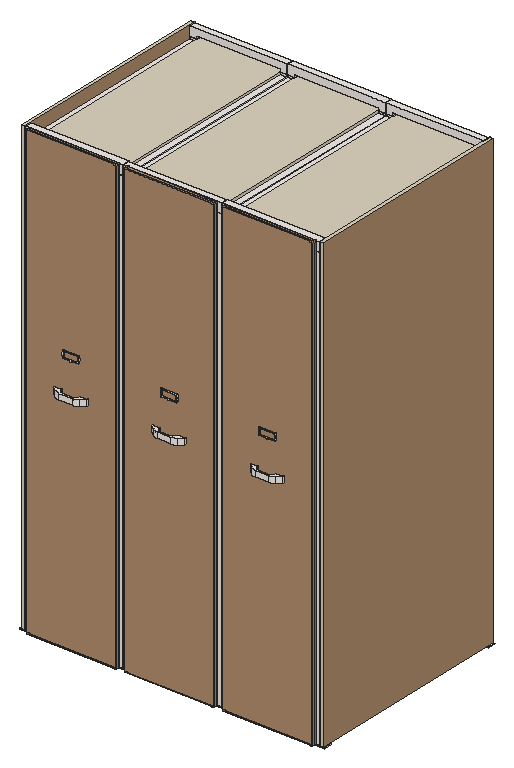
Revit family "MusicLibrarySystem_Wenger_7-Shelf_System", category Furniture, Revit 2015
Parameters (values of type "Oversized")
  URL = "https://www.wengercorp.com/"
  Type Comments = "7 Shelf Oversized <COUNT> Units"
  Total Units [instance] = 3
  Test Data = ""
  Specification = "http://www.arcat.com/sdspecs/htm04/12_35_83wen.htm"
  Show Open [instance] = no
  Shelf Finish = Wenger Oyster (Use Oyster Edge Band Only)
  Shelf Depth = 2' - 10 1/2"
  Sales Information = "https://www.wengercorp.com/contact-us.php"
  Revision = "R1_2018-04"
  Product Data = "http://www.arcat.com/arcatcos/cos36/arc36487.html"
  Overall Width [instance] = (Unit Width * Total Units) + 0' 3"  # 5' - 0"
  Model = "7 Shelf Oversized"
  Manufacturer Website = "https://www.wengercorp.com/"
  Manufacturer Phone - Toll Free = "800-4WENGER"
  Manufacturer Phone = "(507) 455-4100"
  Manufacturer Fax = "(507) 455-4258"
  Manufacturer Address = "555 Park Dr., Owatonna, MN 55060"
  Manufacturer = "Wenger Corporation"
  Keynote = "12 35 83"
  Height = 7' - 8"
  Green Building-LEED = "http://www.arcat.com/green/clients/leed_data_36487.html"
  Panel Thickness = 0' - 0 3/4"
  Panel RH [instance] = yes
  Panel LH [instance] = yes
  Panel Finish [instance] = Wenger Cherry (Use Cherry Edge Band Only)
  Open Position [instance] = if((Show Open), 6' 7 1/4", Depth)  # 3' - 7 1/4"
  Height to Bottom Shelf = 0' - 8"
  Tubular Frame Width = 0' - 1 1/2"
  Unit Width = 1' - 7"
  Hardware Finish = Metal - White Powdercoat
  Frame Finish = Metal - White Powdercoat
  Floor Offset = 0' - 0 1/8"
  Edge Banding Finish = Wenger Oyster (Use Oyster Edge Band Only)
  Drawn By = "Sumex Design, Inc. / Robert S. Weygant, CSI, CDT, SCIP"
  Description = "Wenger 7 Shelf Oversized Music Library System"
  Depth = 3' - 7 1/4"
  Cost = 0
  Copyright = "© 2018 Arcat Inc."
  Construction Details = "http://www.arcat.com/details/wengerco/wengerco.html?coid=36487"
  VizCompForRO [instance] = Unit Width + (0' 3" / Total Units)  # 1' - 8"
  Assembly Code = "E2010200"
Types (2): name | Type Comments | Overall Width | Model | Unit Width | Description | VizCompForRO
  Oversized | "7 Shelf Oversized <COUNT> Units" | 5' - 0" | "7 Shelf Oversized" | 1' - 7" | "Wenger 7 Shelf Oversized Music Library System" | 1' - 8"
  UltraStor | "7 Shelf Standard <COUNT> Units" | 4' - 3" | "7 Shelf Standard" | 1' - 4" | "Wenger 7 Shelf Standard Music Library System" | 1' - 5"
Reference planes (in)
  plane 1 "Back": y = 5.3893222
  plane 2: z = 0
  plane 3 "Center (Left/Right)": x = -13.0500945
  plane 4 "Top": z = 92.125
  plane 5 "BO Frame": z = 0.125
  plane 6: x = -43.0500945
  plane 7: x = 16.9499054
  plane 8: y = -37.8606778
  plane 9: x = -23.0500945
  plane 10: x = 17.6999054
  plane 11: x = -43.8000945
Forms (in)
  Extrusion 1, solid, material "Wenger Cherry (Use Cherry Edge Band Only)" <- "Panel Finish", visible <- "Panel LH"
    sketch origin (0, 0, 0.125) x (-1, 0, 0) y (0, -1, 0)
      loop
        line (43.8000945, -5.3893222) -> (43.8000945, 37.8606778) -> (43.0500945, 37.8606778) -> (43.0500945, -5.3893222) -> (43.8000945, -5.3893222)
    from 0 to 92
  Extrusion 2, solid, material "Wenger Cherry (Use Cherry Edge Band Only)" <- "Panel Finish", visible <- "Panel RH"
    sketch origin (0, 0, 0.125) x (-1, 0, 0) y (0, -1, 0)
      loop
        line (-16.9499055, -5.3893222) -> (-16.9499055, 37.8606778) -> (-17.6999055, 37.8606778) -> (-17.6999055, -5.3893222) -> (-16.9499055, -5.3893222)
    from 0 to 92
Lines and regions (in)
  Masking region 1
    outline origin (0, 0, 92.125) x (0, -1, 0) y (1, 0, 0)
      loop
        line (-5.3893222, -43.0500945) -> (37.8606778, -43.0500945) -> (37.8606778, 16.9499055) -> (-5.3893222, 16.9499055) -> (-5.3893222, -43.0500945)
  Masking region 2, visible <- "Panel LH"
    outline origin (0, 0, 0.125) x (-1, 0, 0) y (0, -1, 0)
      loop
        line (43.8000945, -5.3893222) -> (43.8000945, 37.8606778) -> (43.0500945, 37.8606778) -> (43.0500945, -5.3893222) -> (43.8000945, -5.3893222)
  Masking region 3, visible <- "Panel RH"
    outline origin (0, 0, 0.125) x (-1, 0, 0) y (0, -1, 0)
      loop
        line (-16.9499055, -5.3893222) -> (-16.9499055, 37.8606778) -> (-17.6999055, 37.8606778) -> (-17.6999055, -5.3893222) -> (-16.9499055, -5.3893222)
Dimensions and locks (in)
  "Floor Offset": plane 5 "BO Frame" to level
  "Height": plane 4 "Top" to plane 5 "BO Frame"
  "Depth": plane 1 "Back" to plane 8
  "Overall Width": plane 6 to plane 7
  "VizCompForRO": plane 6 to plane 9
  equal spacing: group 1, group 2, group 3  (x3)
  "Panel Thickness": plane 11 to plane 6
  "Panel Thickness": plane 7 to plane 10
  equal spacing: plane 6, plane 3 "Center (Left/Right)", plane 7
  "Depth": Masking region 1 sketch curve to plane 1 "Back"
  equal spacing: plane 8, nested 4, plane 1 "Back"
  aligned and locked: plane 2 to level
  aligned and locked: nested 1 to plane 1 "Back"
  aligned and locked: level to nested 1
  aligned and locked: level to nested 2
  aligned and locked: nested 2 to plane 1 "Back"
  aligned and locked: Extrusion 1 sketch curve to plane 6
  aligned and locked: plane 8 to Extrusion 1 sketch curve
  aligned and locked: plane 1 "Back" to Extrusion 1 sketch curve
  aligned and locked: plane 11 to Extrusion 1 sketch curve
  aligned and locked: plane 4 "Top" to Extrusion 1
  aligned and locked: Extrusion 1 to plane 5 "BO Frame"
  aligned and locked: plane 8 to Extrusion 2 sketch curve
  aligned and locked: plane 7 to Extrusion 2 sketch curve
  aligned and locked: plane 1 "Back" to Extrusion 2 sketch curve
  aligned and locked: Extrusion 2 sketch curve to plane 10
  aligned and locked: Extrusion 2 to plane 5 "BO Frame"
  aligned and locked: plane 4 "Top" to Extrusion 2
  aligned and locked: plane 1 "Back" to Masking region 1 sketch curve
  aligned and locked: plane 6 to Masking region 1 sketch curve
  aligned and locked: Masking region 1 sketch curve to plane 7
  aligned and locked: Masking region 2 sketch curve to plane 6
  aligned and locked: plane 1 "Back" to Masking region 2 sketch curve
  aligned and locked: plane 8 to Masking region 2 sketch curve
  aligned and locked: plane 11 to Masking region 2 sketch curve
  aligned and locked: plane 8 to Masking region 3 sketch curve
  aligned and locked: plane 1 "Back" to Masking region 3 sketch curve
  aligned and locked: plane 7 to Masking region 3 sketch curve
  aligned and locked: Masking region 3 sketch curve to plane 10
  aligned and locked: plane 3 "Center (Left/Right)" to nested 4
  aligned and locked: plane 6 to nested 1
  aligned and locked: plane 9 to nested 2
Nested families (in)
  nested 1: "MusicLibrarySystem_Wenger_7-Shelf_Component" at (-33.0500945, -16.3606778, 0), Panel Finish <- "Panel Finish", Show Open <- "Show Open", type "MusicLibrarySystem_Wenger_7-Shelf_Component"
    with Show Open no, Panel Finish Wenger Cherry (Use Cherry Edge Band Only), Open Position 3' - 7 1/4", Height 7' - 8", Overall Width 1' - 8"
  nested 2: "MusicLibrarySystem_Wenger_7-Shelf_Component" at (-13.0500945, -16.3606778, 0), Panel Finish <- "Panel Finish", Show Open <- "Show Open", type "MusicLibrarySystem_Wenger_7-Shelf_Component"
    with Show Open no, Panel Finish Wenger Cherry (Use Cherry Edge Band Only), Open Position 3' - 7 1/4", Height 7' - 8", Overall Width 1' - 8"
  nested 3: "MusicLibrarySystem_Wenger_7-Shelf_Component" at (6.9499054, -16.3606778, 0), Panel Finish <- "Panel Finish", Show Open <- "Show Open", type "MusicLibrarySystem_Wenger_7-Shelf_Component"
    with Show Open no, Panel Finish Wenger Cherry (Use Cherry Edge Band Only), Open Position 3' - 7 1/4", Height 7' - 8", Overall Width 1' - 8"
  nested 4: "Labels" at (-13.0500945, -16.2356778, 0), type "Labels"
Definition of nested family "MusicLibrarySystem_Wenger_7-Shelf_Component"
  Parameters (values of type "MusicLibrarySystem_Wenger_7-Shelf_Component")
    Test Data = ""
    Specification = ""
    Show Open [instance] = yes
    Shelf Finish = none
    Shelf Depth = 2' - 10 1/2"
    Sales Information = ""
    Revision = ""
    Product Data = ""
    Manufacturer Website = ""
    Manufacturer Phone - Toll Free = ""
    Manufacturer Phone = ""
    Manufacturer Fax = ""
    Manufacturer Address = ""
    Keynote = "12 35 83"
    Installation-Fabrication = ""
    Green Building-LEED = ""
    Frame RH = yes
    Panel Thickness = 0' - 0 3/4"
    Panel RH = yes
    Panel LH = yes
    Panel Finish [instance] = none
    Open Position [instance] = if((Show Open), 6' 7 1/4", Depth)  # 6' - 7 1/4"
    Frame LH = yes
    Height to Bottom Shelf = 0' - 8"
    Height = 7' - 8 1/2"
    Tubular Frame Width = 0' - 1 1/2"
    Overall Width = 1' - 7"
    Hardware Finish = none
    Frame Finish = none
    FootViz RH = and(Floor Offset < 0' 0 1/2", Frame RH)  # yes
    FootViz LH = and(Floor Offset < 0' 0 1/2", Frame LH)  # yes
    Floor Offset = 0' - 0 1/8"
    Edge Banding Finish = none
    Drawn By = ""
    Depth = 3' - 7 1/4"
    Copyright = ""
    Construction Details = ""
    Category = ""
    Building Codes = ""
  Reference planes (in)
    plane 1 "Center (Front/Back)": y = 0.125
    plane 2: z = 0
    plane 3 "Center (Left/Right)": x = 0
    plane 4 "Frame Back": y = 21.75
    plane 5 "Frame Front": y = -21.5
    plane 6 "LEFT ECP INSIDE": x = -8
    plane 7 "LEFT ECP OUTSIDE": x = -9.5
    plane 8 "RIGHT ECP INSIDE": x = 8
    plane 9 "RIGHT ECP OUTSIDE": x = 9.5
    plane 10: z = 92.625
    plane 11: z = 55.2142857
    plane 12: z = 43.4107143
    plane 13: z = 31.6071429
    plane 14: z = 19.8035714
    plane 15 "Bottom Shelf": z = 8
    plane 16: z = 67.0178571
    plane 17 "Carriage Front": y = -57.5
    plane 18 "Carriage Back": y = -23
    plane 19 "Door Front": y = -58.25
    plane 20: y = 20.25
    plane 21: y = -20
    plane 22: z = 8.75
    plane 23: z = 7.25
    plane 24: z = 90.625
    plane 25 "Handle Height": z = 46.125
    plane 26: y = -59.625
    plane 27: z = 53.125
    plane 28 "BO Frame": z = 0.125
    plane 29: x = -10.25
    plane 30: x = 10.25
    plane 31: x = -8.75
    plane 32: x = 8.75
    plane 33: z = 78.8214286
  Forms (in)
    Extrusion 1, solid, material <- "Frame Finish", visible <- "Frame LH"
      sketch origin (0, 0, 0) x (1, 0, 0) y (0, 1, 0)
        loop
          line (-9.5, 21.75) -> (-9.5, 20.25) -> (-8, 20.25) -> (-8, 21.75) -> (-9.5, 21.75)
        loop
          line (-9.4375, 21.6875) -> (-9.4375, 20.3125) -> (-8.0625, 20.3125) -> (-8.0625, 21.6875) -> (-9.4375, 21.6875)
        loop
          line (-9.5, -20) -> (-9.5, -21.5) -> (-8, -21.5) -> (-8, -20) -> (-9.5, -20)
        loop
          line (-9.4375, -20.0625) -> (-9.4375, -21.4375) -> (-8.0625, -21.4375) -> (-8.0625, -20.0625) -> (-9.4375, -20.0625)
      from 0.125 to 90.625
    Extrusion 2, solid, material <- "Frame Finish", visible <- "Frame RH"
      sketch origin (17.5, 0, 0) x (1, 0, 0) y (0, 1, 0)
        loop
          line (-9.5, 21.75) -> (-9.5, 20.25) -> (-8, 20.25) -> (-8, 21.75) -> (-9.5, 21.75)
        loop
          line (-9.4375, 21.6875) -> (-9.4375, 20.3125) -> (-8.0625, 20.3125) -> (-8.0625, 21.6875) -> (-9.4375, 21.6875)
        loop
          line (-9.5, -20) -> (-9.5, -21.5) -> (-8, -21.5) -> (-8, -20) -> (-9.5, -20)
        loop
          line (-9.4375, -20.0625) -> (-9.4375, -21.4375) -> (-8.0625, -21.4375) -> (-8.0625, -20.0625) -> (-9.4375, -20.0625)
      from 0.125 to 90.625
    Extrusion 3, solid, material <- "Panel Finish"
      sketch origin (0, -57.5, 0) x (0, 0, 1) y (-1, 0, 0)
        loop
          line (92.625, 8.6875) -> (0.125, 8.6875) -> (0.125, -8.6875) -> (92.625, -8.6875) -> (92.625, 8.6875)
      from 0 to 0.75 <- "Panel Thickness"
    Sweep 4, void
      path in 3D
        loop
          line (-8.6875, -58.25, 0.125) -> (8.6875, -58.25, 0.125) -> (8.6875, -58.25, 92.625) -> (-8.6875, -58.25, 92.625) -> (-8.6875, -58.25, 0.125)
      profile origin (-8.6875, -58.25, 46.375) x (-1, 0, 0) y (0, -1, 0)
        loop
          line (0, 0) -> (-0.125, 0)
          arc (-0.125, 0) -> (-0.0366117, -0.0366117) -> (0, -0.125) r 0.125
          line (0, -0.125) -> (0, 0)
        loop
          line (0, -0.75) -> (0, -0.625)
          arc (0, -0.625) -> (-0.0366117, -0.7133883) -> (-0.125, -0.75) r 0.125
          line (-0.125, -0.75) -> (0, -0.75)
    Extrusion 5, solid, material <- "Frame Finish", visible <- "Frame LH"
      sketch origin (0, 0.125, 0) x (1, 0, 0) y (0, 0, 1)
        loop
          line (-9.5, 8.75) -> (-9.5, 7.25) -> (-8, 7.25) -> (-8, 8.75) -> (-9.5, 8.75)
        loop
          line (-9.5, 90.25) -> (-9.5, 88.75) -> (-8, 88.75) -> (-8, 90.25) -> (-9.5, 90.25)
      from -20.125 to 20.125
    Extrusion 6, solid, material <- "Frame Finish", visible <- "Frame RH"
      sketch origin (17.5, 0.125, 0) x (1, 0, 0) y (0, 0, 1)
        loop
          line (-9.5, 8.75) -> (-9.5, 7.25) -> (-8, 7.25) -> (-8, 8.75) -> (-9.5, 8.75)
        loop
          line (-9.5, 90.25) -> (-9.5, 88.75) -> (-8, 88.75) -> (-8, 90.25) -> (-9.5, 90.25)
      from -20.125 to 20.125
    Extrusion 7, solid, material <- "Shelf Finish", detail levels medium+fine
      sketch origin (0, -23, 0) x (0, 0, 1) y (-1, 0, 0)
        loop
          line (19.8035714, 8) -> (19.0535714, 8) -> (19.0535714, -8) -> (19.8035714, -8) -> (19.8035714, 8)
        loop
          line (31.6071429, 8) -> (30.8571429, 8) -> (30.8571429, -8) -> (31.6071429, -8) -> (31.6071429, 8)
        loop
          line (43.4107143, 8) -> (42.6607143, 8) -> (42.6607143, -8) -> (43.4107143, -8) -> (43.4107143, 8)
        loop
          line (55.2142857, 8) -> (54.4642857, 8) -> (54.4642857, -8) -> (55.2142857, -8) -> (55.2142857, 8)
        loop
          line (67.0178571, 8) -> (66.2678571, 8) -> (66.2678571, -8) -> (67.0178571, -8) -> (67.0178571, 8)
        loop
          line (78.8214286, 8) -> (78.0714286, 8) -> (78.0714286, -8) -> (78.8214286, -8) -> (78.8214286, 8)
      from 0 to 34.5
    Extrusion 8, solid, material <- "Shelf Finish"
      sketch origin (0, -23, 0) x (0, 0, 1) y (-1, 0, 0)
        loop
          line (90.625, 8) -> (89.875, 8) -> (89.875, -8) -> (90.625, -8) -> (90.625, 8)
        loop
          line (8, 8) -> (7.25, 8) -> (7.25, -8) -> (8, -8) -> (8, 8)
      from -8.75 to 34.5
    Extrusion 9, solid, material <- "Shelf Finish"
      sketch origin (0, 0, 8) x (0, 1, 0) y (-1, 0, 0)
        loop
          line (-23, 8) -> (-23, -8) -> (-22.25, -8) -> (-22.25, 8) -> (-23, 8)
      from 0 to 81.875
    Extrusion 10, solid, material <- "Hardware Finish", detail levels fine
      sketch origin (0, 0, 46.125) x (-1, 0, 0) y (0, -1, 0)
        loop
          line (-3.305, 58.25) -> (-1.93, 58.25) -> (-1.93, 58.5) -> (-1.5825311, 58.996237)
          arc (-1.5825311, 58.996237) -> (-1.3814917, 59.1725438) -> (-1.1217581, 59.2361002) r 0.5625
          line (-1.1217581, 59.2361002) -> (1.1224953, 59.2361002)
          arc (1.1224953, 59.2361002) -> (1.381575, 59.1727038) -> (1.5821083, 58.9968408) r 0.5610839
          line (1.5821083, 58.9968408) -> (1.93, 58.5) -> (1.93, 58.25) -> (3.305, 58.25) -> (3.305, 58.5) -> (2.4964469, 59.198928)
          arc (2.4964469, 59.198928) -> (1.9626034, 59.5150265) -> (1.3520193, 59.625) r 1.75
          line (1.3520193, 59.625) -> (-1.3520193, 59.625)
          arc (-1.3520193, 59.625) -> (-1.9626034, 59.5150265) -> (-2.4964469, 59.198928) r 1.75
          line (-2.4964469, 59.198928) -> (-3.305, 58.5) -> (-3.305, 58.25)
      from 0 to 1.125
    Extrusion 11, solid, material <- "Hardware Finish", detail levels fine
      sketch origin (0, -58.25, 0) x (0, 0, 1) y (-1, 0, 0)
        loop
          line (53.125, 1.5625) -> (53.125, 0.25)
          arc (53.125, 0.25) -> (53, 0) -> (53.125, -0.25) r 0.3125
          line (53.125, -0.25) -> (53.125, -1.5625)
          arc (53.125, -1.5625) -> (53.1433058, -1.6066942) -> (53.1875, -1.625) r 0.0625
          line (53.1875, -1.625) -> (53.625, -1.625)
          arc (53.625, -1.625) -> (53.875, -1.75) -> (54.125, -1.625) r 0.3125
          line (54.125, -1.625) -> (54.5625, -1.625)
          arc (54.5625, -1.625) -> (54.6066942, -1.6066942) -> (54.625, -1.5625) r 0.0625
          line (54.625, -1.5625) -> (54.625, 1.5625)
          arc (54.625, 1.5625) -> (54.6066942, 1.6066942) -> (54.5625, 1.625) r 0.0625
          line (54.5625, 1.625) -> (54.125, 1.625)
          arc (54.125, 1.625) -> (53.875, 1.75) -> (53.625, 1.625) r 0.3125
          line (53.625, 1.625) -> (53.1875, 1.625)
          arc (53.1875, 1.625) -> (53.1433058, 1.6066942) -> (53.125, 1.5625) r 0.0625
        loop
          line (54.5, -1.4375) -> (54.5, 1.4375)
          arc (54.5, 1.4375) -> (54.4816942, 1.4816942) -> (54.4375, 1.5) r 0.0625
          line (54.4375, 1.5) -> (53.3125, 1.5)
          arc (53.3125, 1.5) -> (53.2683058, 1.4816942) -> (53.25, 1.4375) r 0.0625
          line (53.25, 1.4375) -> (53.25, -1.4375)
          arc (53.25, -1.4375) -> (53.2683058, -1.4816942) -> (53.3125, -1.5) r 0.0625
          line (53.3125, -1.5) -> (54.4375, -1.5)
          arc (54.4375, -1.5) -> (54.4816942, -1.4816942) -> (54.5, -1.4375) r 0.0625
      from 0 to 0.125
    Extrusion 12, solid, material <- "Frame Finish", visible <- "FootViz LH", detail levels medium+fine
      sketch origin (0, 0, 0) x (1, 0, 0) y (0, 1, 0)
        loop
          line (-10.5, 21.75) -> (-10.5, 20.25) -> (-7, 20.25) -> (-7, 21.75) -> (-10.5, 21.75)
        loop
          line (-10.5, -20) -> (-10.5, -21.5) -> (-7, -21.5) -> (-7, -20) -> (-10.5, -20)
      from 0 to 0.125
    Extrusion 13, solid, material <- "Frame Finish", visible <- "FootViz RH", detail levels medium+fine
      sketch origin (17.5, 0, 0) x (1, 0, 0) y (0, 1, 0)
        loop
          line (-10.5, 21.75) -> (-10.5, 20.25) -> (-7, 20.25) -> (-7, 21.75) -> (-10.5, 21.75)
        loop
          line (-10.5, -20) -> (-10.5, -21.5) -> (-7, -21.5) -> (-7, -20) -> (-10.5, -20)
      from 0 to 0.125
    Sweep 14, solid, material <- "Frame Finish"
      path origin (0, -58.25, 0) x (0, 0, 1) y (-1, 0, 0)
        loop
          line (90.625, 9.5) -> (92.625, 9.5) -> (92.625, -9.5) -> (89.5549589, -9.5)
      profile origin (-9.5, -58.25, 91.625) x (-1, 0, 0) y (0, -1, 0)
        loop
          line (-0.0625, -38.1875) -> (-0.0625, -36.8125) -> (-1.4375, -36.8125) -> (-1.4375, -38.1875) -> (-0.0625, -38.1875)
        loop
          line (-0.0625, -78.5625) -> (-1.4375, -78.5625) -> (-1.4375, -79.9375) -> (-0.0625, -79.9375) -> (-0.0625, -78.5625)
  Cuts and joins
    Sweep 4 cuts Extrusion 3
  Lines and regions (in)
    sketch lines
      curve 1: line (-8.6875, -58.25, 92.625) -> (-8.6875, -58.25, 0.125)
      curve 2: line (8.6875, -58.25, 92.625) -> (-8.6875, -58.25, 92.625)
      curve 3: line (8.6875, -58.25, 0.125) -> (8.6875, -58.25, 92.625)
      curve 4: line (-8.6875, -58.25, 0.125) -> (8.6875, -58.25, 0.125)
  Dimensions and locks (in)
    "Tubular Frame Width": plane 7 "LEFT ECP OUTSIDE" to plane 6 "LEFT ECP INSIDE"
    "Tubular Frame Width": plane 8 "RIGHT ECP INSIDE" to plane 9 "RIGHT ECP OUTSIDE"
    equal spacing: plane 6 "LEFT ECP INSIDE", plane 3 "Center (Left/Right)", plane 8 "RIGHT ECP INSIDE"
    "Overall Width": plane 7 "LEFT ECP OUTSIDE" to plane 9 "RIGHT ECP OUTSIDE"
    equal spacing: plane 24, plane 33, plane 16, plane 11, plane 12, plane 13, plane 14, plane 15 "Bottom Shelf"
    "Height to Bottom Shelf": plane 15 "Bottom Shelf" to plane 2
    "Depth": plane 4 "Frame Back" to plane 5 "Frame Front"
    "Shelf Depth": plane 18 "Carriage Back" to plane 17 "Carriage Front"
    "Open Position": plane 4 "Frame Back" to plane 17 "Carriage Front"
    "Panel Thickness": plane 17 "Carriage Front" to plane 19 "Door Front"
    "Tubular Frame Width": plane 4 "Frame Back" to plane 20
    "Tubular Frame Width": plane 21 to plane 5 "Frame Front"
    equal spacing: plane 4 "Frame Back", plane 1 "Center (Front/Back)", plane 5 "Frame Front"
    "Tubular Frame Width": plane 22 to plane 23
    equal spacing: plane 22, plane 15 "Bottom Shelf", plane 23
    "Tubular Frame Width": Extrusion 5 sketch curve to Extrusion 5 sketch curve
    "Tubular Frame Width": Extrusion 6 sketch curve to Extrusion 6 sketch curve
    "Panel Thickness": plane 14 to Extrusion 7 sketch curve
    "Panel Thickness": plane 13 to Extrusion 7 sketch curve
    "Panel Thickness": plane 12 to Extrusion 7 sketch curve
    "Panel Thickness": plane 11 to Extrusion 7 sketch curve
    "Panel Thickness": plane 16 to Extrusion 7 sketch curve
    plane 10 to plane 24 = 0' - 2"
    locked: plane 24 to Extrusion 5 sketch curve at 0.375
    locked: plane 24 to Extrusion 6 sketch curve at 0.375
    "Panel Thickness": plane 24 to Extrusion 8 sketch curve
    "Depth": Extrusion 8 to plane 17 "Carriage Front"
    "Panel Thickness": plane 15 "Bottom Shelf" to Extrusion 8 sketch curve
    "Panel Thickness": plane 18 "Carriage Back" to Extrusion 9 sketch curve
    "Panel Thickness": plane 24 to Extrusion 9
    plane 25 "Handle Height" to plane 28 "BO Frame" = 3' - 10"
    plane 26 to plane 19 "Door Front" = 0' - 1 3/8"
    locked: Extrusion 10 to plane 25 "Handle Height" at 1.125
    locked: plane 27 to plane 25 "Handle Height" at 7
    Extrusion 10 sketch curve to Extrusion 10 sketch curve to plane 3 "Center (Left/Right)" to Extrusion 10 sketch curve to Extrusion 10 sketch curve = 0' - 1 3/8" locked, 0' - 1.93" locked, 0' - 1.93" locked, 0' - 1 3/8" locked
    locked: Extrusion 10 sketch curve to Extrusion 10 sketch curve at 0.3888998
    "Floor Offset": plane 28 "BO Frame" to level
    "Height": plane 10 to plane 28 "BO Frame"
    locked: plane 6 "LEFT ECP INSIDE" to Extrusion 12 sketch curve at 1  (x2)
    locked: Extrusion 12 sketch curve to plane 7 "LEFT ECP OUTSIDE" at 1  (x2)
    "Panel Thickness": plane 29 to plane 7 "LEFT ECP OUTSIDE"
    "Panel Thickness": plane 9 "RIGHT ECP OUTSIDE" to plane 30
    equal spacing: plane 7 "LEFT ECP OUTSIDE", plane 31, plane 6 "LEFT ECP INSIDE"
    equal spacing: plane 8 "RIGHT ECP INSIDE", plane 32, plane 9 "RIGHT ECP OUTSIDE"
    locked: plane 9 "RIGHT ECP OUTSIDE" to Extrusion 3 sketch curve at 0.8125
    locked: Extrusion 3 sketch curve to plane 7 "LEFT ECP OUTSIDE" at 0.8125
    "Panel Thickness": plane 33 to Extrusion 7 sketch curve
    aligned and locked: plane 2 to level
    aligned and locked: plane 7 "LEFT ECP OUTSIDE" to Extrusion 1 sketch curve  (x2)
    aligned and locked: Extrusion 1 sketch curve to plane 6 "LEFT ECP INSIDE"  (x2)
    aligned and locked: Extrusion 1 sketch curve to plane 4 "Frame Back"
    aligned and locked: plane 20 to Extrusion 1 sketch curve
    aligned and locked: Extrusion 1 sketch curve to plane 21
    aligned and locked: plane 5 "Frame Front" to Extrusion 1 sketch curve
    aligned and locked: Extrusion 2 sketch curve to plane 4 "Frame Back"
    aligned and locked: Extrusion 2 sketch curve to plane 9 "RIGHT ECP OUTSIDE"  (x2)
    aligned and locked: plane 20 to Extrusion 2 sketch curve
    aligned and locked: plane 8 "RIGHT ECP INSIDE" to Extrusion 2 sketch curve  (x2)
    aligned and locked: Extrusion 2 sketch curve to plane 21
    aligned and locked: plane 5 "Frame Front" to Extrusion 2 sketch curve
    aligned and locked: Extrusion 3 sketch curve to plane 10
    aligned and locked: Extrusion 5 sketch curve to plane 22
    aligned and locked: plane 23 to Extrusion 5 sketch curve
    aligned and locked: Extrusion 5 to plane 21
    aligned and locked: plane 20 to Extrusion 5
    aligned and locked: plane 8 "RIGHT ECP INSIDE" to Extrusion 6 sketch curve  (x2)
    aligned and locked: Extrusion 6 sketch curve to plane 9 "RIGHT ECP OUTSIDE"  (x2)
    aligned and locked: Extrusion 6 sketch curve to plane 22
    aligned and locked: plane 23 to Extrusion 6 sketch curve
    aligned and locked: plane 20 to Extrusion 6
    aligned and locked: Extrusion 6 to plane 21
    aligned and locked: Extrusion 7 sketch curve to plane 16
    aligned and locked: Extrusion 7 sketch curve to plane 11
    aligned and locked: Extrusion 7 sketch curve to plane 12
    aligned and locked: Extrusion 7 sketch curve to plane 13
    aligned and locked: Extrusion 7 sketch curve to plane 14
    aligned and locked: plane 6 "LEFT ECP INSIDE" to Extrusion 7 sketch curve  (x6)
    aligned and locked: Extrusion 7 sketch curve to plane 8 "RIGHT ECP INSIDE"  (x6)
    aligned and locked: plane 17 "Carriage Front" to Extrusion 7
    aligned and locked: plane 24 to Extrusion 2
    aligned and locked: plane 24 to Extrusion 1
    aligned and locked: Extrusion 8 sketch curve to plane 24
    aligned and locked: plane 6 "LEFT ECP INSIDE" to Extrusion 8 sketch curve  (x2)
    aligned and locked: Extrusion 8 sketch curve to plane 8 "RIGHT ECP INSIDE"  (x2)
    aligned and locked: plane 17 "Carriage Front" to Extrusion 8
    aligned and locked: Extrusion 8 sketch curve to plane 15 "Bottom Shelf"
    aligned and locked: Extrusion 9 sketch curve to plane 6 "LEFT ECP INSIDE"
    aligned and locked: plane 8 "RIGHT ECP INSIDE" to Extrusion 9 sketch curve
    aligned and locked: plane 18 "Carriage Back" to Extrusion 9 sketch curve
    aligned and locked: Extrusion 10 sketch curve to plane 19 "Door Front"
    aligned and locked: plane 19 "Door Front" to Extrusion 10 sketch curve
    aligned and locked: Extrusion 10 sketch curve to plane 26
    aligned and locked: plane 28 "BO Frame" to Extrusion 3 sketch curve
    aligned and locked: Extrusion 1 to plane 28 "BO Frame"
    aligned and locked: Extrusion 2 to Extrusion 1
    aligned and locked: plane 20 to Extrusion 12 sketch curve
    aligned and locked: Extrusion 12 sketch curve to plane 4 "Frame Back"
    aligned and locked: Extrusion 12 sketch curve to plane 21
    aligned and locked: plane 5 "Frame Front" to Extrusion 12 sketch curve
    aligned and locked: Extrusion 12 to level
    aligned and locked: plane 28 "BO Frame" to Extrusion 12
    aligned and locked: plane 28 "BO Frame" to Extrusion 13
    aligned and locked: Extrusion 13 to level
    aligned and locked: Sweep 14 sketch curve to plane 9 "RIGHT ECP OUTSIDE"
    aligned and locked: Sweep 14 sketch curve to plane 10
    aligned and locked: plane 7 "LEFT ECP OUTSIDE" to Sweep 14 sketch curve
    aligned and locked: Sweep 14 sketch curve to Extrusion 1  (x8)
    aligned and locked: Extrusion 5 sketch curve to plane 6 "LEFT ECP INSIDE"
    aligned and locked: plane 7 "LEFT ECP OUTSIDE" to Extrusion 5 sketch curve
    aligned and locked: Extrusion 7 sketch curve to plane 33
  Automatic sketch dimensions
    plane 7 "LEFT ECP OUTSIDE" to Extrusion 1 sketch curve = 0' - 0 1/16"  (x2)
    Extrusion 1 sketch curve to plane 6 "LEFT ECP INSIDE" = 0' - 0 1/16"  (x2)
    plane 5 "Frame Front" to Extrusion 1 sketch curve = 0' - 0 1/16"
    Extrusion 1 sketch curve to plane 21 = 0' - 0 1/16"
    plane 20 to Extrusion 1 sketch curve = 0' - 0 1/16"
    Extrusion 1 sketch curve to plane 4 "Frame Back" = 0' - 0 1/16"
    plane 8 "RIGHT ECP INSIDE" to Extrusion 2 sketch curve = 0' - 0 1/16"  (x2)
    Extrusion 2 sketch curve to plane 9 "RIGHT ECP OUTSIDE" = 0' - 0 1/16"  (x2)
    plane 5 "Frame Front" to Extrusion 2 sketch curve = 0' - 0 1/16"
    Extrusion 2 sketch curve to plane 21 = 0' - 0 1/16"
    plane 20 to Extrusion 2 sketch curve = 0' - 0 1/16"
    Extrusion 2 sketch curve to plane 4 "Frame Back" = 0' - 0 1/16"
    Sweep 4 sketch curve to profile plane = 0' - 0"  (x3)
    Sweep 4 sketch curve to Sweep 4 sketch curve = 0' - 0 1/8"
    profile plane to Sweep 4 sketch curve = 0' - 0 1/8"
    Sweep 4 sketch curve to Sweep 4 sketch curve = 0' - 0 1/2"
    Extrusion 5 sketch curve to plane 7 "LEFT ECP OUTSIDE" = 0' - 0"
    Extrusion 5 sketch curve to plane 6 "LEFT ECP INSIDE" = 0' - 0"
    plane 26 to Extrusion 10 sketch curve = 0' - 0.42607"  (x2)
    Extrusion 10 sketch curve to Extrusion 10 sketch curve = 0' - 0.56645"  (x2)
    plane 26 to Extrusion 10 sketch curve = 0' - 0.62876"
    Extrusion 10 sketch curve to Extrusion 10 sketch curve = 0' - 0.34747"
    plane 17 "Carriage Front" to Extrusion 10 sketch curve = 0' - 0 3/8"
    plane 19 "Door Front" to Extrusion 10 sketch curve = 0' - 0.4236"
    Extrusion 10 sketch curve to Extrusion 10 sketch curve = 0' - 0.8075"
    Extrusion 10 sketch curve to Extrusion 10 sketch curve = 0' - 0.22952"
    plane 26 to Extrusion 10 sketch curve = 0' - 0.62816"
    Extrusion 10 sketch curve to Extrusion 10 sketch curve = 0' - 0.45961"
    plane 19 "Door Front" to Extrusion 10 sketch curve = 0' - 0 1/4"  (x4)
    Extrusion 11 sketch curve to plane 27 = 0' - 0"  (x2)
    Extrusion 11 sketch curve to plane 3 "Center (Left/Right)" = 0' - 0"
    Extrusion 11 sketch curve to Extrusion 11 sketch curve = 0' - 0 1/16"  (x7)
    plane 27 to Extrusion 11 sketch curve = 0' - 0 1/8"
    plane 27 to Extrusion 11 sketch curve = 0' - 0 3/16"
    Extrusion 11 sketch curve to Extrusion 11 sketch curve = 0' - 0 5/16"  (x4)
    Extrusion 11 sketch curve to Extrusion 11 sketch curve = 0' - 0 1/4"  (x4)
    Extrusion 11 sketch curve to Extrusion 11 sketch curve = 0' - 0 1/8"  (x3)
    plane 3 "Center (Left/Right)" to Extrusion 11 sketch curve = 0' - 0 1/4"
    Extrusion 11 sketch curve to Extrusion 11 sketch curve = 0' - 1 3/16"
    Extrusion 11 sketch curve to Extrusion 11 sketch curve = 0' - 0"  (x2)
    Extrusion 11 sketch curve to plane 3 "Center (Left/Right)" = 0' - 1 7/16"
    Extrusion 13 sketch curve to plane 4 "Frame Back" = 0' - 0"
    Extrusion 13 sketch curve to plane 5 "Frame Front" = 0' - 0"
    Extrusion 13 sketch curve to plane 20 = 0' - 0"
    Extrusion 13 sketch curve to plane 21 = 0' - 0"
    Extrusion 13 sketch curve to plane 8 "RIGHT ECP INSIDE" = 0' - 1"  (x2)
    plane 9 "RIGHT ECP OUTSIDE" to Extrusion 13 sketch curve = 0' - 1"  (x2)
    Sweep 14 sketch curve to plane 24 = 0' - 0"
    Sweep 14 sketch curve to plane 24 = 0' - 1.07004"
Definition of nested family "Labels"
  Parameters (values of type "Labels")
    Cabinet Label = "#53N"
  Reference planes (in)
    plane 1: y = 0
    plane 2: x = 0
  Text (in)
    label "xxxx" at (-0.0001827, 0.007539, 0), shows "Cabinet Label"
